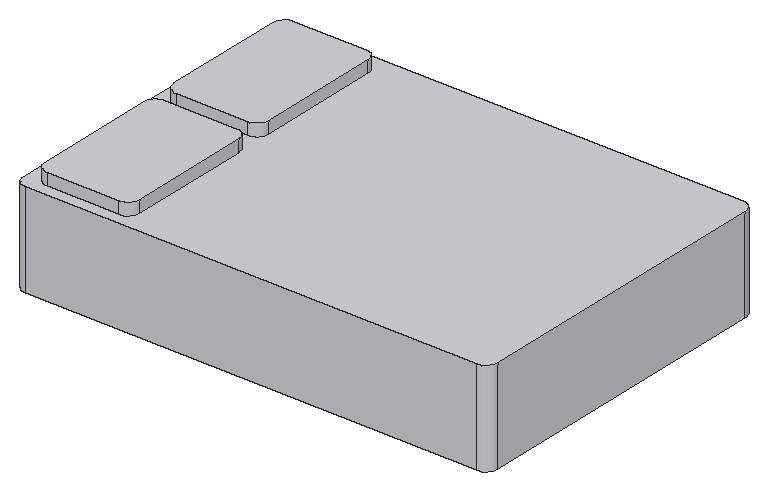
Revit family "Bed", category Furniture, Revit 2023
Family settings
  OmniClass Number = 23.40.20.00
  OmniClass Title = General Furniture and Specialties
  Work Plane-Based = Yes
  Enable Cutting in Views = No
  Always vertical = Yes
  Cut with Voids When Loaded = No
  Render Appearance Source = Family Geometry
  Shared = No
  Room Calculation Point = No
Parameters (values of type "1400x2000mm")
  Single bed = no
  Pillow materiale = none
  Double bed = yes
  Distance from wall = 50 mm
  Default Elevation = 0 mm
  Creator Build [instance] = "2018.0420.0"  # constant formula
  Corner rounding = 50 mm
  Bed width = 1400 mm
  Bed materiale = none
  Bed length = 2000 mm
Types (5, lengths in mm): name | Single bed | Double bed | Bed width
  900x2000mm | yes | no | 900
  1600x2000mm | no | yes | 1600
  1800x2000mm | no | yes | 2000
  800x2000mm | yes | no | 800
  1400x2000mm | no | yes | 1400
Reference planes
  plane 1 "Center (Front/Back)": y = 0
  plane 2: z = 0
  plane 3 "Center (Left/Right)": x = 0
  plane 4: y = 700
  plane 5: y = -700
  plane 6 "Top bed": z = 400
  plane 7: x = 50
  plane 8 "Bed length": x = 2050
Forms (mm)
  Extrusion 1, solid, material <- "Bed materiale"
    sketch origin (0, 0, 0) x (1, 0, 0) y (0, 1, 0)
      loop
        arc (100, 700) -> (64.645, 685.355) -> (50, 650) r 50
        line (50, 650) -> (50, -650)
        arc (50, -650) -> (64.645, -685.355) -> (100, -700) r 50
        line (100, -700) -> (2000, -700)
        arc (2000, -700) -> (2035.355, -685.355) -> (2050, -650) r 50
        line (2050, -650) -> (2050, 650)
        arc (2050, 650) -> (2035.355, 685.355) -> (2000, 700) r 50
        line (2000, 700) -> (100, 700)
    from 0 to 400
  Extrusion 2, solid, material <- "Pillow materiale", visible <- "Double bed"
    sketch origin (0, 0, 400) x (-1, 0, 0) y (0, -1, 0)
      loop
        line (-150, 650) -> (-450, 650)
        arc (-450, 650) -> (-485.355, 635.355) -> (-500, 600) r 50
        line (-500, 600) -> (-500, 80)
        arc (-500, 80) -> (-485.355, 44.645) -> (-450, 30) r 50
        line (-450, 30) -> (-150, 30)
        arc (-150, 30) -> (-114.645, 44.645) -> (-100, 80) r 50
        line (-100, 80) -> (-100, 600)
        arc (-100, 600) -> (-114.645, 635.355) -> (-150, 650) r 50
      loop
        arc (-150, -650) -> (-114.645, -635.355) -> (-100, -600) r 50
        line (-100, -600) -> (-100, -80)
        arc (-100, -80) -> (-114.645, -44.645) -> (-150, -30) r 50
        line (-150, -30) -> (-450, -30)
        arc (-450, -30) -> (-485.355, -44.645) -> (-500, -80) r 50
        line (-500, -80) -> (-500, -600)
        arc (-500, -600) -> (-485.355, -635.355) -> (-450, -650) r 50
        line (-450, -650) -> (-150, -650)
    from 0 to 50
  Extrusion 3, solid, material <- "Pillow materiale", visible <- "Single bed"
    sketch origin (0, 0, 400) x (-1, 0, 0) y (0, -1, 0)
      loop
        line (-150, 650) -> (-450, 650)
        arc (-450, 650) -> (-485.355, 635.355) -> (-500, 600) r 50
        line (-500, 600) -> (-500, -600)
        arc (-500, -600) -> (-485.355, -635.355) -> (-450, -650) r 50
        line (-450, -650) -> (-150, -650)
        arc (-150, -650) -> (-114.645, -635.355) -> (-100, -600) r 50
        line (-100, -600) -> (-100, 600)
        arc (-100, 600) -> (-114.645, 635.355) -> (-150, 650) r 50
    from 0 to 50
Dimensions and locks
  "Distance from wall": plane 3 "Center (Left/Right)" to Extrusion 1 sketch curve
  equal spacing: plane 4, plane 1 "Center (Front/Back)", plane 5
  "Bed width": plane 4 to plane 5
  "Corner rounding": plane 5 to Extrusion 2 sketch curve
  "Corner rounding": Extrusion 1 to Extrusion 2 sketch curve  (x2)
  "Corner rounding": plane 4 to Extrusion 2 sketch curve
  locked: Extrusion 3 sketch curve to Extrusion 3 sketch curve at 400
  "Corner rounding": Extrusion 1 to Extrusion 3 sketch curve
  "Corner rounding": plane 4 to Extrusion 3 sketch curve
  "Corner rounding": plane 5 to Extrusion 3 sketch curve
  locked: Extrusion 2 sketch curve to Extrusion 2 sketch curve at 400  (x2)
  equal spacing: Extrusion 2 sketch curve, plane 1 "Center (Front/Back)", Extrusion 2 sketch curve
  "Distance from wall": plane 3 "Center (Left/Right)" to plane 7
  "Bed length": plane 7 to plane 8 "Bed length"
  "Corner rounding": radius of Extrusion 1 sketch curve  (x4)
  "Corner rounding": radius of Extrusion 2 sketch curve  (x8)
  "Corner rounding": radius of Extrusion 3 sketch curve  (x4)
  aligned and locked: level to plane 2
  aligned and locked: Extrusion 1 sketch curve to plane 4
  aligned and locked: Extrusion 1 sketch curve to plane 5
  aligned and locked: plane 6 "Top bed" to Extrusion 1
  aligned and locked: plane 8 "Bed length" to Extrusion 1
Automatic sketch dimensions
  Extrusion 1 sketch curve to plane 8 "Bed length" = 0 mm
  Extrusion 2 sketch curve to plane 1 "Center (Front/Back)" = 80 mm
